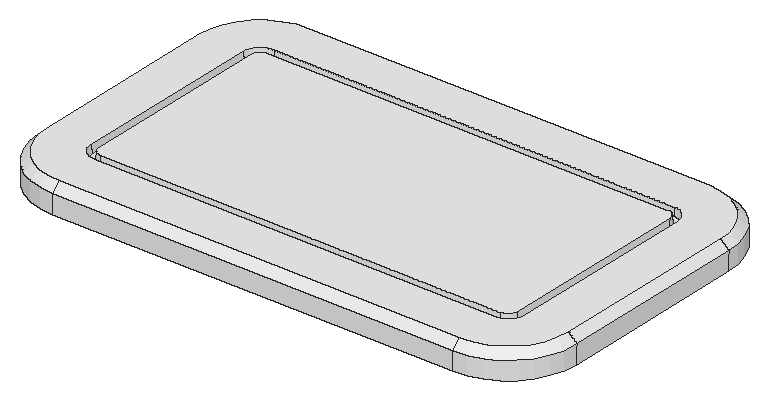
Revit family "Ifö Spira Art Floorstanding WC 6240", category Generic Models, Revit 2015 (continued)
Lines and regions (mm)
  symbolic lines, visible <- "WithSeat"
    curve 169: arc (-155.935, 0, 452.02) -> (-161.937, 0, 450.633) -> (-167.91, 0, 449.12) r 292.901
    curve 170: arc (-167.91, 0, 449.12) -> (-171.815, 0, 447.949) -> (-175.635, 0, 446.524) r 62.13
    curve 171: arc (-172.979, 0, 432.449) -> (-171.644, 0, 432.406) -> (-170.309, 0, 432.369) r 348.348
    curve 172: arc (-106.438, 0, 417.292) -> (-47.272, 0, 417.073) -> (11.895, 0, 417.023) r 20813.011
    curve 173: arc (11.895, 0, 417.023) -> (59.167, 0, 417.104) -> (106.438, 0, 417.292) r 20813.011
    curve 174: arc (106.438, 0, 417.292) -> (127.812, 0, 417.468) -> (149.185, 0, 417.778) r 3413.329
    curve 175: arc (149.185, 0, 417.778) -> (159.275, 0, 418.069) -> (169.356, 0, 418.587) r 449.543
    curve 176: arc (169.356, 0, 418.587) -> (171.821, 0, 418.757) -> (174.283, 0, 418.959) r 193.146
    curve 177: arc (173.228, 0, 431.278) -> (171.616, 0, 431.871) -> (169.969, 0, 432.36) r 27.076
    curve 178: arc (-169.969, 0, 432.36) -> (-171.616, 0, 431.871) -> (-173.228, 0, 431.278) r 27.076
    curve 179: arc (-174.283, 0, 418.959) -> (-171.821, 0, 418.757) -> (-169.356, 0, 418.587) r 193.146
    curve 180: arc (-169.356, 0, 418.587) -> (-159.275, 0, 418.069) -> (-149.185, 0, 417.778) r 449.543
    curve 181: arc (-149.185, 0, 417.778) -> (-127.812, 0, 417.468) -> (-106.438, 0, 417.292) r 3413.329
    curve 185: arc (0, -233.797, 432.082) -> (0, -242.015, 422.402) -> (0, -254.536, 424.509) r 12.85
    curve 186: arc (0, -243.498, 446.986) -> (0, -238.217, 444.362) -> (0, -234.664, 439.656) r 12.85
    curve 187: arc (0, -245.824, 447.309) -> (0, -247.212, 444.019) -> (0, -248.636, 440.746) r 318.94
    curve 188: arc (0, -248.636, 440.746) -> (0, -250.574, 438.077) -> (0, -253.44, 436.444) r 7.824
    curve 189: arc (0, -253.44, 436.444) -> (0, -255.92, 435.8) -> (0, -258.452, 435.413) r 25.026
    curve 190: arc (0, -258.452, 435.413) -> (0, -258.848, 435.374) -> (0, -259.243, 435.336) r 84.838
    curve 191: arc (0, -294.889, 421.489) -> (0, -296.039, 421.447) -> (0, -297.188, 421.408) r 313.727
    curve 192: arc (0, -297.188, 421.408) -> (0, -312.02, 421.123) -> (0, -326.855, 421.209) r 593.645
    curve 193: arc (0, -326.855, 421.209) -> (0, -331.317, 421.239) -> (0, -335.777, 421.165) r 192.56
    curve 194: line (0, -335.777, 421.165) -> (0, -351.148, 421.022)
    curve 195: arc (0, -351.148, 421.022) -> (0, -356.263, 420.961) -> (0, -361.378, 420.873) r 954.342
    curve 196: arc (0, -361.378, 420.873) -> (0, -369.43, 420.719) -> (0, -377.483, 420.582) r 4144.287
    curve 197: arc (0, -377.483, 420.582) -> (0, -383.238, 420.482) -> (0, -388.992, 420.368) r 2363.544
    curve 198: arc (0, -388.992, 420.368) -> (0, -396.665, 420.221) -> (0, -404.339, 420.104) r 2014.109
    curve 199: arc (0, -404.339, 420.104) -> (0, -411.408, 419.999) -> (0, -418.477, 419.875) r 2479.283
    curve 200: arc (0, -418.477, 419.875) -> (0, -428.062, 419.704) -> (0, -437.648, 419.558) r 3746.849
    curve 201: arc (0, -437.648, 419.558) -> (0, -459.701, 419.23) -> (0, -481.754, 418.864) r 12415.268
    curve 202: line (0, -481.754, 418.864) -> (0, -506.659, 418.427)
    curve 203: arc (0, -506.659, 418.427) -> (0, -516.366, 418.267) -> (0, -526.073, 418.126) r 4878.608
    curve 204: line (0, -526.073, 418.126) -> (0, -574.469, 417.471)
    curve 205: arc (0, -574.469, 417.471) -> (0, -590.028, 417.306) -> (0, -605.589, 417.232) r 2658.072
    curve 206: arc (0, -605.589, 417.232) -> (0, -609.354, 417.224) -> (0, -613.119, 417.213) r 5518.219
    curve 207: arc (0, -262.314, 435.112) -> (0, -265.6, 434.976) -> (0, -268.888, 434.932) r 119.274
    curve 208: arc (0, -268.888, 434.932) -> (0, -273.789, 434.941) -> (0, -278.689, 434.967) r 1432.303
    curve 209: arc (0, -278.689, 434.967) -> (0, -290.944, 435.013) -> (0, -303.199, 434.977) r 1854.73
    curve 210: arc (0, -225.11, 415.97) -> (0, -222.739, 416.006) -> (0, -220.369, 416.06) r 310.603
    curve 211: arc (0, -246.623, 416.075) -> (0, -235.867, 415.936) -> (0, -225.11, 415.97) r 663.794
    curve 212: arc (0, -250.863, 416.16) -> (0, -248.743, 416.119) -> (0, -246.623, 416.075) r 2041.512
    curve 213: line (0, -611.932, 416.528) -> (0, -297.587, 416.528)
  symbolic lines, visible <- "WithoutSeat"
    curve 104: circle (77.498, -234.282, 0) r 10 normal (0, 0, 1)
    curve 105: circle (-77.498, -234.282, 0) r 10 normal (0, 0, -1)
    curve 106: line (-3.181, -344.797, 0) -> (3.181, -344.797, 0)
    curve 107: arc (3.181, -344.797, 0) -> (9.136, -344.783, 0) -> (15.091, -344.742, 0) r 1279.913
    curve 108: arc (15.091, -344.742, 0) -> (21.326, -345.164, 0) -> (27.422, -346.538, 0) r 40.635
    curve 109: arc (27.422, -346.538, 0) -> (33.011, -348.882, 0) -> (38.031, -352.277, 0) r 30.759
    curve 110: arc (38.031, -352.277, 0) -> (41.407, -356.184, 0) -> (43.335, -360.974, 0) r 15.725
    curve 111: arc (43.335, -360.974, 0) -> (44.964, -375.534, 0) -> (43.482, -390.11, 0) r 68.985
    curve 112: arc (43.827, -292.631, 0) -> (-0.332, -294.184, 0) -> (-44.487, -292.545, 0) r 611.914
    curve 113: arc (43.827, -292.631, 0) -> (46.864, -292.03, 0) -> (49.758, -290.93, 0) r 18.457
    curve 114: arc (49.758, -290.93, 0) -> (52.277, -290.034, 0) -> (54.928, -289.684, 0) r 12.717
    curve 115: arc (54.928, -289.684, 0) -> (67.711, -290.89, 0) -> (79.841, -295.098, 0) r 53.656
    curve 116: arc (79.841, -295.098, 0) -> (88.515, -300.91, 0) -> (95.301, -308.845, 0) r 38.37
    curve 117: arc (23.445, -590.47, 0) -> (11.869, -593.25, 0) -> (0, -594.184, 0) r 75.852
    curve 118: arc (48.506, -578.418, 0) -> (36.38, -585.285, 0) -> (23.445, -590.47, 0) r 104.062
    curve 119: arc (72.588, -556.986, 0) -> (61.325, -568.576, 0) -> (48.506, -578.418, 0) r 111.578
    curve 120: arc (86.527, -537.837, 0) -> (79.89, -547.653, 0) -> (72.588, -556.986, 0) r 170.802
    curve 121: arc (101.759, -506.618, 0) -> (94.97, -522.631, 0) -> (86.527, -537.837, 0) r 164.361
    curve 122: arc (112.699, -465.961, 0) -> (108.096, -486.522, 0) -> (101.759, -506.618, 0) r 247.305
    curve 123: arc (117.178, -423.925, 0) -> (115.69, -445.023, 0) -> (112.699, -465.961, 0) r 296.043
    curve 124: arc (117.436, -385.163, 0) -> (117.579, -404.546, 0) -> (117.178, -423.925, 0) r 691.506
    curve 125: arc (111.321, -342.524, 0) -> (115.671, -363.658, 0) -> (117.436, -385.163, 0) r 178.288
    curve 126: arc (95.301, -308.845, 0) -> (104.834, -324.96, 0) -> (111.321, -342.524, 0) r 103.92
    curve 127: arc (-44.487, -292.545, 0) -> (-47.183, -291.936, 0) -> (-49.758, -290.93, 0) r 18.457
    curve 128: arc (-49.758, -290.93, 0) -> (-52.277, -290.034, 0) -> (-54.928, -289.684, 0) r 12.717
    curve 129: arc (-54.928, -289.684, 0) -> (-67.711, -290.89, 0) -> (-79.841, -295.098, 0) r 53.656
    curve 130: arc (-79.841, -295.098, 0) -> (-88.515, -300.91, 0) -> (-95.301, -308.845, 0) r 38.37
    curve 131: arc (-23.445, -590.47, 0) -> (-11.869, -593.25, 0) -> (0, -594.184, 0) r 75.852
    curve 132: arc (-48.506, -578.418, 0) -> (-36.38, -585.285, 0) -> (-23.445, -590.47, 0) r 104.062
    curve 133: arc (-72.588, -556.986, 0) -> (-61.325, -568.576, 0) -> (-48.506, -578.418, 0) r 111.578
    curve 134: arc (-86.527, -537.837, 0) -> (-79.89, -547.653, 0) -> (-72.588, -556.986, 0) r 170.802
    curve 135: arc (-101.759, -506.618, 0) -> (-94.97, -522.631, 0) -> (-86.527, -537.837, 0) r 164.361
    curve 136: arc (-112.699, -465.961, 0) -> (-108.096, -486.522, 0) -> (-101.759, -506.618, 0) r 247.305
    curve 137: arc (-117.178, -423.925, 0) -> (-115.69, -445.023, 0) -> (-112.699, -465.961, 0) r 296.043
    curve 138: arc (-117.436, -385.163, 0) -> (-117.579, -404.546, 0) -> (-117.178, -423.925, 0) r 691.506
    curve 139: arc (-111.321, -342.524, 0) -> (-115.671, -363.658, 0) -> (-117.436, -385.163, 0) r 178.288
    curve 140: arc (-95.301, -308.845, 0) -> (-104.834, -324.96, 0) -> (-111.321, -342.524, 0) r 103.92
    curve 141: arc (43.482, -390.11, 0) -> (39.446, -404.119, 0) -> (33.423, -417.395, 0) r 100.318
    curve 142: arc (33.423, -417.395, 0) -> (25.667, -426.795, 0) -> (14.964, -432.623, 0) r 32.069
    curve 143: arc (14.964, -432.623, 0) -> (7.569, -434.267, 0) -> (0, -434.582, 0) r 42.781
    curve 144: arc (-3.181, -344.797, 0) -> (-9.136, -344.783, 0) -> (-15.091, -344.742, 0) r 1279.913
    curve 145: arc (-15.091, -344.742, 0) -> (-21.326, -345.164, 0) -> (-27.422, -346.538, 0) r 40.635
    curve 146: arc (-27.422, -346.538, 0) -> (-33.011, -348.882, 0) -> (-38.031, -352.277, 0) r 30.759
    curve 147: arc (-38.031, -352.277, 0) -> (-41.407, -356.184, 0) -> (-43.335, -360.974, 0) r 15.725
    curve 148: arc (-43.335, -360.974, 0) -> (-44.964, -375.534, 0) -> (-43.482, -390.11, 0) r 68.985
    curve 149: arc (-43.482, -390.11, 0) -> (-39.446, -404.119, 0) -> (-33.423, -417.395, 0) r 100.318
    curve 150: arc (-33.423, -417.395, 0) -> (-25.667, -426.795, 0) -> (-14.964, -432.623, 0) r 32.069
    curve 151: arc (-14.964, -432.623, 0) -> (-7.569, -434.267, 0) -> (0, -434.582, 0) r 42.781
    curve 182: line (174.321, 0, 416.255) -> (-174.321, 0, 416.255)
    curve 183: line (-159.313, 0, 437.672) -> (159.32, 0, 437.672)
    curve 184: line (159.313, 0, 441.941) -> (-159.313, 0, 441.941)
Dimensions and locks
  "ColdWaterConnectionHeight": plane 5 "In" to level
  "ConnectorOut_OffsetFromWall": plane 1 "Center (Front/Back)" to connector elem
  "ConnectorIn_OffsetFromWall": plane 1 "Center (Front/Back)" to connector elem
  "ConnectorIn_HDistance": plane 3 "Center (Left/Right)" to connector elem
  aligned and locked: plane 2 to level
Automatic sketch dimensions
  curve 78 to curve 83 = 0.00 mm  (x2)
  curve 88 to curve 95 = 0.00 mm  (x2)
  curve 102 to curve 103 = 0.00 mm  (x2)
  curve 117 to curve 131 = 0.00 mm  (x2)
  curve 102 to plane 3 "Center (Left/Right)" = 0.00 mm
  curve 83 to plane 3 "Center (Left/Right)" = 0.00 mm
  curve 88 to plane 3 "Center (Left/Right)" = 0.00 mm
  curve 151 to plane 3 "Center (Left/Right)" = 0.00 mm
  curve 131 to plane 3 "Center (Left/Right)" = 0.00 mm
  curve 151 to plane 3 "Center (Left/Right)" = 2.017 mm
  curve 106 to plane 3 "Center (Left/Right)" = 3.181 mm
  curve 150 to plane 3 "Center (Left/Right)" = 5.259 mm
  curve 118 to plane 3 "Center (Left/Right)" = 8.719 mm
  curve 140 to plane 3 "Center (Left/Right)" = 10.989 mm
  curve 119 to curve 118 = 4.133 mm
  curve 145 to curve 151 = 13.452 mm
  curve 146 to curve 140 = 7.386 mm
  curve 111 to curve 146 = 5.645 mm
  curve 147 to curve 111 = 3.963 mm
  curve 79 to plane 3 "Center (Left/Right)" = 34.934 mm
  curve 80 to curve 79 = 1.514 mm
  curve 127 to curve 80 = 5.328 mm
  curve 101 to plane 3 "Center (Left/Right)" = 44.166 mm
  curve 81 to curve 127 = 3.123 mm
  curve 82 to curve 81 = 1.26 mm
  curve 121 to plane 3 "Center (Left/Right)" = 52.745 mm
  curve 89 to plane 3 "Center (Left/Right)" = 52.798 mm
  curve 141 to curve 147 = 26.697 mm
  curve 128 to curve 79 = 20.323 mm
  curve 129 to curve 141 = 1.638 mm
  curve 120 to curve 121 = 5.458 mm
  curve 125 to curve 141 = 6.132 mm
  curve 130 to curve 129 = 6.702 mm
  curve 65 to curve 82 = 23.461 mm
  curve 68 to curve 65 = 2.228 mm
  curve 69 to curve 68 = 4.938 mm
  curve 105 to curve 69 = 0.712 mm
  curve 67 to curve 105 = 4.227 mm
  curve 62 to plane 3 "Center (Left/Right)" = 83.953 mm
  curve 66 to curve 67 = 16.561 mm
  curve 122 to curve 120 = 72.512 mm
  curve 90 to curve 130 = 90.404 mm
  curve 99 to curve 66 = 64.646 mm
  curve 100 to curve 99 = 3.162 mm
  curve 91 to curve 90 = 16.013 mm
  curve 123 to curve 122 = 47.971 mm
  curve 71 to curve 91 = 97.297 mm
  curve 64 to curve 71 = 167.907 mm
  curve 124 to curve 64 = 139.272 mm
  plane 3 "Center (Left/Right)" to curve 112 = 0.263 mm
  plane 3 "Center (Left/Right)" to curve 143 = 2.017 mm
  plane 3 "Center (Left/Right)" to curve 106 = 3.181 mm
  plane 3 "Center (Left/Right)" to curve 142 = 5.259 mm
  plane 3 "Center (Left/Right)" to curve 132 = 8.719 mm
  plane 3 "Center (Left/Right)" to curve 126 = 10.989 mm
  curve 132 to curve 133 = 4.133 mm
  curve 143 to curve 108 = 13.452 mm
  curve 126 to curve 109 = 7.386 mm
  curve 109 to curve 148 = 5.645 mm
  curve 148 to curve 110 = 3.963 mm
  plane 3 "Center (Left/Right)" to curve 84 = 34.934 mm
  curve 84 to curve 85 = 1.514 mm
  curve 85 to curve 113 = 5.328 mm
  plane 3 "Center (Left/Right)" to curve 96 = 44.166 mm
  curve 113 to curve 86 = 3.123 mm
  curve 86 to curve 87 = 1.26 mm
  plane 3 "Center (Left/Right)" to curve 135 = 52.745 mm
  plane 3 "Center (Left/Right)" to curve 94 = 52.798 mm
  curve 110 to curve 149 = 26.697 mm
  curve 84 to curve 114 = 20.323 mm
  curve 149 to curve 115 = 1.638 mm
  curve 135 to curve 134 = 5.458 mm
  curve 149 to curve 139 = 6.132 mm
  curve 115 to curve 116 = 6.702 mm
  curve 87 to curve 73 = 23.461 mm
  curve 73 to curve 76 = 2.228 mm
  curve 76 to curve 77 = 4.938 mm
  curve 77 to curve 104 = 0.712 mm
  curve 104 to curve 75 = 4.227 mm
  plane 3 "Center (Left/Right)" to curve 70 = 83.953 mm
  curve 75 to curve 74 = 16.561 mm
  curve 134 to curve 136 = 72.512 mm
  curve 116 to curve 93 = 90.404 mm
  curve 74 to curve 98 = 64.646 mm
  curve 98 to curve 97 = 3.162 mm
  curve 93 to curve 92 = 16.013 mm
  curve 136 to curve 137 = 47.971 mm
  curve 92 to curve 63 = 97.297 mm
  curve 63 to curve 72 = 167.907 mm
  curve 72 to curve 138 = 139.272 mm
  plane 1 "Center (Front/Back)" to curve 88 = 1983.364 mm
  curve 88 to curve 102 = 101.137 mm
  curve 102 to curve 83 = 717.00 mm
  curve 78 to curve 89 = 130.923 mm
  curve 89 to curve 94 = 0.00 mm
  curve 89 to curve 101 = 89.574 mm
  curve 101 to curve 96 = 0.00 mm
  curve 101 to curve 62 = 379.285 mm
  curve 62 to curve 70 = 0.00 mm
  curve 62 to curve 117 = 47.114 mm
  curve 117 to curve 132 = 26.828 mm
  curve 118 to curve 132 = 0.00 mm
  curve 132 to curve 133 = 6.278 mm
  curve 118 to curve 119 = 6.278 mm
  curve 133 to curve 135 = 34.669 mm
  curve 119 to curve 121 = 34.669 mm
  curve 135 to curve 134 = 3.421 mm
  curve 121 to curve 120 = 3.421 mm
  curve 120 to curve 122 = 24.87 mm
  curve 134 to curve 136 = 24.87 mm
  curve 136 to curve 137 = 8.611 mm
  curve 122 to curve 123 = 8.611 mm
  curve 135 to curve 142 = 48.50 mm
  curve 150 to curve 142 = 0.00 mm
  curve 137 to curve 138 = 13.719 mm
  curve 123 to curve 124 = 13.719 mm
  curve 142 to curve 143 = 10.209 mm
  curve 151 to curve 143 = 0.00 mm
  curve 150 to curve 125 = 13.086 mm
  curve 142 to curve 139 = 13.086 mm
  curve 143 to curve 108 = 6.473 mm
  curve 151 to curve 145 = 6.473 mm
  curve 145 to curve 146 = 9.44 mm
  curve 108 to curve 109 = 9.44 mm
  curve 109 to curve 148 = 0.054 mm
  curve 146 to curve 111 = 0.054 mm
  curve 109 to curve 126 = 6.338 mm
  curve 146 to curve 140 = 6.338 mm
  curve 139 to curve 149 = 19.553 mm
  curve 125 to curve 141 = 19.553 mm
  curve 148 to curve 110 = 11.509 mm
  curve 111 to curve 147 = 11.509 mm
  curve 140 to curve 106 = 24.80 mm
  curve 141 to curve 129 = 26.096 mm
  curve 149 to curve 115 = 26.096 mm
  curve 115 to curve 116 = 13.738 mm
  curve 129 to curve 130 = 13.738 mm
  curve 116 to curve 93 = 10.742 mm
  curve 130 to curve 90 = 10.742 mm
  curve 130 to curve 128 = 27.186 mm
  curve 116 to curve 114 = 27.186 mm
  curve 114 to curve 84 = 14.003 mm
  curve 128 to curve 79 = 14.003 mm
  curve 84 to curve 85 = 8.523 mm
  curve 79 to curve 80 = 8.523 mm
  curve 85 to curve 113 = 5.582 mm
  curve 80 to curve 127 = 5.582 mm
  curve 90 to curve 91 = 54.544 mm
  curve 93 to curve 92 = 54.544 mm
  curve 113 to curve 86 = 21.472 mm
  curve 127 to curve 81 = 21.472 mm
  curve 86 to curve 87 = 2.094 mm
  curve 81 to curve 82 = 2.094 mm
  curve 138 to curve 72 = 152.61 mm
  curve 92 to curve 63 = 16.973 mm
  curve 124 to curve 64 = 152.61 mm
  curve 91 to curve 71 = 16.973 mm
  curve 82 to curve 66 = 13.643 mm
  curve 87 to curve 74 = 13.643 mm
  curve 87 to curve 73 = 13.643 mm
  curve 82 to curve 65 = 13.643 mm
  curve 65 to curve 67 = 0.779 mm
  curve 73 to curve 76 = 0.779 mm
  curve 76 to curve 75 = 0.00 mm
  curve 65 to curve 68 = 0.779 mm
  curve 67 to curve 105 = 2.018 mm
  curve 75 to curve 104 = 2.018 mm
  curve 105 to curve 69 = 2.459 mm
  curve 104 to curve 77 = 2.459 mm
  curve 91 to curve 99 = 88.713 mm
  curve 92 to curve 98 = 88.713 mm
  plane 1 "Center (Front/Back)" to curve 100 = 83.595 mm
  plane 1 "Center (Front/Back)" to curve 97 = 83.595 mm
  curve 112 to plane 1 "Center (Front/Back)" = 317.73 mm
  curve 112 to curve 144 = 617.385 mm
  curve 144 to curve 107 = 0.00 mm
  curve 151 to plane 3 "Center (Left/Right)" = 14.964 mm
  curve 150 to curve 151 = 0.00 mm
  curve 145 to curve 144 = 0.00 mm
  curve 132 to plane 3 "Center (Left/Right)" = 23.445 mm
  curve 131 to curve 132 = 0.00 mm
  curve 146 to curve 145 = 0.00 mm
  curve 149 to curve 150 = 0.00 mm
  curve 82 to curve 78 = 9.106 mm
  curve 79 to curve 78 = 0.00 mm
  curve 147 to curve 146 = 0.00 mm
  curve 148 to curve 147 = 0.00 mm
  curve 80 to curve 79 = 0.00 mm
  curve 127 to curve 79 = 9.553 mm
  curve 133 to curve 132 = 0.00 mm
  curve 81 to curve 80 = 0.00 mm
  curve 127 to curve 112 = 5.271 mm
  curve 128 to curve 127 = 0.00 mm
  curve 82 to curve 81 = 0.00 mm
  curve 129 to curve 128 = 0.00 mm
  curve 82 to curve 82 = 2.099 mm
  curve 65 to curve 64 = 3.336 mm
  curve 65 to curve 64 = 0.00 mm
  curve 65 to curve 67 = 0.568 mm
  curve 62 to curve 65 = 0.00 mm
  curve 69 to curve 67 = 0.00 mm
  curve 134 to curve 133 = 0.00 mm
  curve 130 to curve 129 = 0.00 mm
  curve 69 to curve 101 = 1.316 mm
  curve 102 to curve 101 = 0.00 mm
  curve 68 to curve 69 = 0.00 mm
  curve 135 to curve 134 = 0.00 mm
  curve 130 to curve 129 = 15.46 mm
  curve 89 to curve 88 = 0.00 mm
  curve 66 to curve 62 = 0.00 mm
  curve 63 to curve 66 = 0.00 mm
  curve 136 to curve 135 = 0.00 mm
  curve 139 to curve 140 = 0.00 mm
  curve 137 to curve 136 = 0.00 mm
  curve 138 to curve 137 = 0.00 mm
  curve 100 to curve 101 = 0.00 mm
  curve 99 to curve 100 = 0.00 mm
  curve 90 to curve 89 = 0.00 mm
  curve 91 to curve 90 = 0.00 mm
  curve 99 to curve 99 = 11.071 mm
  curve 91 to curve 91 = 3.165 mm
  curve 142 to curve 143 = 0.00 mm
  curve 108 to curve 107 = 0.00 mm
  curve 118 to curve 117 = 0.00 mm
  curve 109 to curve 108 = 0.00 mm
  curve 141 to curve 142 = 0.00 mm
  curve 84 to curve 83 = 0.00 mm
  curve 110 to curve 109 = 0.00 mm
  curve 111 to curve 110 = 0.00 mm
  curve 84 to curve 113 = 8.893 mm
  curve 85 to curve 84 = 0.00 mm
  curve 119 to curve 118 = 0.00 mm
  curve 86 to curve 85 = 0.00 mm
  curve 114 to curve 113 = 0.00 mm
  curve 87 to curve 86 = 0.00 mm
  curve 115 to curve 114 = 0.00 mm
  curve 72 to curve 73 = 3.336 mm
  curve 73 to curve 72 = 0.00 mm
  curve 75 to curve 73 = 0.568 mm
  curve 70 to curve 73 = 0.00 mm
  curve 77 to curve 75 = 0.00 mm
  curve 120 to curve 119 = 0.00 mm
  curve 116 to curve 115 = 0.00 mm
  curve 96 to curve 103 = 0.00 mm
  curve 76 to curve 77 = 0.00 mm
  curve 121 to curve 120 = 0.00 mm
  curve 115 to curve 116 = 15.46 mm
  curve 94 to curve 95 = 0.00 mm
  curve 74 to curve 70 = 0.00 mm
  curve 71 to curve 74 = 0.00 mm
  curve 122 to curve 121 = 0.00 mm
  curve 125 to curve 126 = 0.00 mm
  curve 123 to curve 122 = 0.00 mm
  curve 124 to curve 123 = 0.00 mm
  curve 97 to curve 96 = 0.00 mm
  curve 98 to curve 97 = 0.00 mm
  curve 93 to curve 94 = 0.00 mm
  curve 92 to curve 93 = 0.00 mm
  curve 98 to curve 98 = 11.071 mm
  curve 92 to curve 92 = 3.165 mm
  curve 185 to curve 186 = 0.00 mm  (x2)
  plane 1 "Center (Front/Back)" to curve 205 = 610.446 mm
  plane 1 "Center (Front/Back)" to curve 206 = 595.506 mm
  plane 1 "Center (Front/Back)" to curve 203 = 592.105 mm
  curve 204 to plane 5 "In" = 77.471 mm
  plane 1 "Center (Front/Back)" to curve 204 = 574.469 mm
  curve 204 to curve 187 = 34.077 mm
  curve 204 to plane 5 "In" = 78.126 mm
  curve 205 to curve 204 = 48.396 mm
  curve 202 to plane 5 "In" = 78.427 mm
  curve 204 to curve 202 = 19.414 mm
  plane 1 "Center (Front/Back)" to curve 200 = 489.961 mm
  curve 202 to plane 5 "In" = 78.864 mm
  curve 202 to curve 202 = 24.904 mm
  curve 200 to curve 196 = 45.646 mm
  plane 1 "Center (Front/Back)" to curve 198 = 431.28 mm
  plane 1 "Center (Front/Back)" to curve 199 = 371.175 mm
  curve 194 to plane 5 "In" = 81.022 mm
  curve 202 to curve 194 = 130.606 mm
  plane 1 "Center (Front/Back)" to curve 195 = 342.279 mm
  curve 199 to curve 197 = 31.807 mm
  curve 194 to plane 5 "In" = 81.165 mm
  curve 195 to curve 194 = 15.371 mm
  curve 193 to curve 193 = 5.402 mm
  plane 1 "Center (Front/Back)" to curve 192 = 316.005 mm
  curve 192 to curve 191 = 8.873 mm
  plane 1 "Center (Front/Back)" to curve 209 = 291.729 mm
  curve 209 to curve 212 = 2.104 mm
  curve 193 to curve 207 = 66.912 mm
  plane 1 "Center (Front/Back)" to curve 208 = 268.619 mm
  curve 207 to curve 190 = 1.891 mm
  plane 1 "Center (Front/Back)" to curve 201 = 264.308 mm
  curve 190 to curve 189 = 6.008 mm
  curve 189 to curve 188 = 5.173 mm
  curve 188 to curve 186 = 9.37 mm
  curve 192 to curve 211 = 83.364 mm
  curve 191 to curve 210 = 78.499 mm
  plane 1 "Center (Front/Back)" to curve 10 = 164.067 mm
  plane 5 "In" to curve 6 = 3.771 mm
  plane 1 "Center (Front/Back)" to curve 6 = 103.357 mm
  plane 1 "Center (Front/Back)" to curve 8 = 99.944 mm
  plane 5 "In" to curve 3 = 49.025 mm
  curve 6 to curve 3 = 5.669 mm
  curve 6 to curve 5 = 15.602 mm
  plane 1 "Center (Front/Back)" to curve 7 = 65.309 mm
  plane 1 "Center (Front/Back)" to curve 3 = 25.99 mm
  plane 1 "Center (Front/Back)" to curve 9 = 19.564 mm
  curve 4 to plane 1 "Center (Front/Back)" = 9.751 mm
  plane 5 "In" to curve 193 = 111.319 mm
  curve 3 to curve 3 = 102.394 mm
  level to curve 10 = 91.898 mm
  level to curve 7 = 60.384 mm
  curve 195 to level = 533.278 mm
  curve 209 to curve 195 = 886.44 mm
  curve 212 to curve 209 = 205.266 mm
  curve 197 to curve 212 = 317.671 mm
  curve 199 to curve 197 = 116.302 mm
  curve 206 to curve 199 = 3042.02 mm
  curve 201 to curve 206 = 6893.522 mm
  plane 5 "In" to curve 5 = 6.239 mm
  curve 4 to plane 5 "In" = 26.204 mm
  curve 4 to curve 9 = 7.261 mm
  curve 193 to curve 186 = 13.307 mm
  curve 185 to curve 188 = 9.434 mm
  curve 188 to curve 189 = 16.406 mm
  curve 189 to curve 190 = 59.509 mm
  curve 190 to curve 207 = 34.384 mm
  curve 203 to curve 187 = 151.466 mm
  curve 207 to curve 210 = 172.348 mm
  curve 210 to curve 191 = 8.424 mm
  curve 210 to curve 8 = 252.876 mm
  curve 8 to curve 192 = 35.325 mm
  curve 192 to curve 211 = 64.968 mm
  curve 211 to curve 208 = 787.513 mm
  curve 208 to curve 198 = 566.798 mm
  curve 198 to curve 205 = 641.266 mm
  curve 205 to curve 200 = 1090.743 mm
  curve 200 to curve 196 = 398.288 mm
  curve 213 to curve 205 = 6.343 mm
  curve 206 to curve 213 = 1.186 mm
  curve 2 to curve 213 = 19.588 mm
  curve 206 to curve 205 = 0.00 mm
  curve 200 to curve 201 = 0.00 mm
  curve 199 to curve 200 = 0.00 mm
  curve 198 to curve 199 = 0.00 mm
  curve 197 to curve 198 = 0.00 mm
  curve 196 to curve 197 = 0.00 mm
  curve 192 to curve 193 = 0.00 mm
  curve 209 to curve 192 = 6.011 mm
  curve 213 to curve 192 = 0.399 mm
  curve 191 to curve 192 = 0.00 mm
  curve 191 to curve 191 = 2.299 mm
  curve 191 to curve 209 = 16.20 mm
  curve 208 to curve 209 = 0.00 mm
  curve 207 to curve 208 = 0.00 mm
  curve 208 to curve 207 = 6.573 mm
  curve 207 to curve 190 = 3.071 mm
  curve 190 to curve 190 = 0.791 mm
  curve 189 to curve 190 = 0.00 mm
  curve 190 to curve 185 = 3.916 mm
  curve 188 to curve 189 = 0.00 mm
  curve 185 to curve 212 = 3.674 mm
  curve 187 to curve 188 = 0.00 mm
  curve 212 to curve 211 = 4.24 mm
  curve 212 to curve 211 = 0.00 mm
  curve 188 to curve 187 = 2.811 mm
  curve 187 to curve 186 = 2.326 mm
  curve 186 to curve 186 = 8.834 mm
  curve 186 to curve 185 = 0.867 mm
  curve 210 to curve 211 = 0.00 mm
  curve 210 to curve 210 = 4.741 mm
  plane 5 "In" to curve 6 = 1.802 mm
  curve 5 to curve 6 = 0.00 mm
  curve 7 to curve 6 = 0.00 mm
  curve 8 to curve 7 = 0.00 mm
  curve 9 to curve 8 = 0.00 mm
  plane 1 "Center (Front/Back)" to curve 10 = 5.689 mm
  plane 1 "Center (Front/Back)" to curve 9 = 5.02 mm
  plane 1 "Center (Front/Back)" to curve 2 = 2.223 mm
  curve 9 to curve 2 = 2.782 mm
  curve 213 to curve 206 = 0.685 mm
  curve 212 to curve 185 = 8.349 mm
  curve 185 to curve 186 = 7.575 mm
  curve 152 to curve 153 = 0.00 mm  (x2)
  curve 162 to curve 163 = 0.00 mm  (x2)
  plane 3 "Center (Left/Right)" to curve 162 = 0.00 mm
  curve 153 to plane 3 "Center (Left/Right)" = 0.00 mm
  curve 172 to plane 3 "Center (Left/Right)" = 0.00 mm
  curve 173 to plane 3 "Center (Left/Right)" = 0.00 mm
  curve 166 to plane 3 "Center (Left/Right)" = 7.858 mm
  curve 164 to plane 3 "Center (Left/Right)" = 16.145 mm
  curve 165 to curve 164 = 0.719 mm
  curve 157 to plane 3 "Center (Left/Right)" = 38.243 mm
  curve 181 to plane 3 "Center (Left/Right)" = 88.982 mm
  curve 169 to plane 3 "Center (Left/Right)" = 93.01 mm
  curve 158 to plane 3 "Center (Left/Right)" = 122.294 mm
  curve 180 to plane 3 "Center (Left/Right)" = 141.256 mm
  curve 170 to plane 5 "In" = 49.056 mm
  curve 170 to plane 3 "Center (Left/Right)" = 152.022 mm
  curve 179 to plane 3 "Center (Left/Right)" = 157.283 mm
  curve 171 to curve 180 = 19.913 mm
  curve 178 to curve 170 = 11.064 mm
  plane 3 "Center (Left/Right)" to curve 159 = 7.858 mm
  plane 3 "Center (Left/Right)" to curve 161 = 16.145 mm
  curve 161 to curve 160 = 0.719 mm
  plane 3 "Center (Left/Right)" to curve 168 = 38.243 mm
  plane 3 "Center (Left/Right)" to curve 174 = 88.982 mm
  plane 3 "Center (Left/Right)" to curve 156 = 93.01 mm
  plane 3 "Center (Left/Right)" to curve 167 = 122.294 mm
  plane 3 "Center (Left/Right)" to curve 175 = 141.256 mm
  curve 155 to plane 5 "In" = 49.056 mm
  plane 3 "Center (Left/Right)" to curve 155 = 152.022 mm
  plane 3 "Center (Left/Right)" to curve 176 = 157.283 mm
  curve 175 to curve 154 = 19.913 mm
  curve 155 to curve 177 = 11.064 mm
  level to curve 169 = 165.957 mm
  level to curve 156 = 165.957 mm
  curve 165 to level = 39.645 mm
  curve 160 to curve 165 = 0.00 mm
  curve 164 to curve 165 = 10.881 mm
  curve 161 to curve 160 = 10.881 mm
  curve 159 to curve 161 = 60.109 mm
  curve 166 to curve 159 = 0.00 mm
  curve 168 to curve 159 = 320.096 mm
  curve 157 to curve 168 = 0.00 mm
  curve 167 to curve 168 = 427.925 mm
  curve 158 to curve 167 = 0.00 mm
  curve 163 to curve 158 = 452.52 mm
  curve 170 to curve 178 = 17.117 mm
  curve 155 to curve 177 = 17.117 mm
  curve 178 to curve 179 = 205.182 mm
  curve 177 to curve 176 = 205.182 mm
  curve 179 to curve 171 = 169.241 mm
  curve 176 to curve 154 = 169.241 mm
  curve 154 to curve 175 = 86.655 mm
  curve 171 to curve 180 = 86.655 mm
  curve 180 to curve 181 = 2963.325 mm
  curve 174 to curve 181 = 0.00 mm
  curve 174 to curve 153 = 3090.656 mm
  curve 152 to curve 172 = 14308.799 mm
  curve 172 to curve 173 = 0.00 mm
  curve 164 to plane 3 "Center (Left/Right)" = 22.804 mm
  curve 163 to curve 164 = 0.00 mm
  curve 165 to curve 164 = 0.00 mm
  curve 166 to curve 165 = 0.00 mm
  curve 166 to curve 172 = 0.963 mm
  curve 181 to curve 172 = 0.00 mm
  curve 167 to curve 166 = 0.00 mm
  curve 168 to curve 167 = 0.00 mm
  curve 180 to curve 181 = 0.00 mm
  curve 169 to curve 168 = 0.00 mm
  curve 184 to curve 169 = 3.378 mm
  curve 184 to curve 183 = 0.00 mm
  curve 170 to curve 169 = 0.00 mm
  curve 179 to curve 180 = 0.00 mm
  curve 178 to curve 183 = 10.657 mm
  curve 171 to curve 178 = 0.339 mm
  curve 152 to curve 171 = 0.00 mm
  curve 171 to curve 152 = 2.67 mm
  curve 178 to curve 171 = 0.249 mm
  curve 179 to curve 179 = 4.928 mm
  curve 182 to curve 179 = 0.037 mm
  curve 170 to curve 170 = 7.726 mm
  plane 3 "Center (Left/Right)" to curve 173 = 11.895 mm
  curve 161 to curve 162 = 0.00 mm
  curve 160 to curve 161 = 0.00 mm
  curve 159 to curve 160 = 0.00 mm
  curve 174 to curve 173 = 0.00 mm
  curve 158 to curve 159 = 0.00 mm
  curve 157 to curve 158 = 0.00 mm
  curve 175 to curve 174 = 0.00 mm
  curve 156 to curve 157 = 0.00 mm
  curve 156 to curve 184 = 3.378 mm
  curve 184 to curve 183 = 0.008 mm
  curve 155 to curve 156 = 0.00 mm
  curve 176 to curve 175 = 0.00 mm
  curve 177 to curve 153 = 0.339 mm
  curve 154 to curve 153 = 0.00 mm
  curve 154 to curve 154 = 2.67 mm
  curve 154 to curve 177 = 0.249 mm
  curve 175 to curve 176 = 4.928 mm
  curve 176 to curve 182 = 0.037 mm
  curve 156 to curve 155 = 7.726 mm
  curve 182 to curve 176 = 2.704 mm
  curve 178 to curve 183 = 5.312 mm
  curve 183 to curve 184 = 4.269 mm
  curve 58 to curve 60 = 0.00 mm  (x2)
  curve 60 to plane 3 "Center (Left/Right)" = 0.00 mm
  curve 57 to plane 3 "Center (Left/Right)" = 0.00 mm
  curve 60 to plane 5 "In" = 4235.918 mm
  level to curve 57 = 70.931 mm
  plane 3 "Center (Left/Right)" to curve 61 = 100.06 mm
  curve 61 to level = 1550.429 mm
  curve 59 to curve 61 = 0.00 mm
  curve 59 to plane 3 "Center (Left/Right)" = 100.06 mm
  plane 3 "Center (Left/Right)" to curve 56 = 41.00 mm
  curve 56 to plane 5 "In" = 510.623 mm
  curve 56 to curve 57 = 1.235 mm  (x2)
  plane 3 "Center (Left/Right)" to curve 61 = 67.80 mm
  curve 60 to curve 61 = 0.00 mm
  curve 59 to curve 58 = 0.00 mm
  curve 61 to plane 5 "In" = 84.012 mm
  curve 59 to plane 5 "In" = 84.012 mm
  curve 1 to plane 5 "In" = 26.827 mm
  curve 56 to plane 3 "Center (Left/Right)" = 41.00 mm
  curve 56 to curve 57 = 0.00 mm
  curve 1 to curve 59 = 10.827 mm
  curve 61 to curve 1 = 10.827 mm
  Masking region 1 sketch curve to Masking region 1 sketch curve = 0.00 mm  (x103)
  Masking region 1 sketch curve to level = 0.00 mm
  plane 5 "In" to Masking region 1 sketch curve = 21.297 mm
  plane 1 "Center (Front/Back)" to Masking region 1 sketch curve = 12801.642 mm
  Masking region 1 sketch curve to plane 5 "In" = 179.191 mm
  plane 1 "Center (Front/Back)" to Masking region 1 sketch curve = 3881.15 mm
  Masking region 1 sketch curve to plane 5 "In" = 26.715 mm
  Masking region 1 sketch curve to Masking region 1 sketch curve = 1311.117 mm
  Masking region 1 sketch curve to Masking region 1 sketch curve = 139.988 mm
  level to Masking region 1 sketch curve = 99.166 mm
  Masking region 1 sketch curve to Masking region 1 sketch curve = 1147.333 mm
  Masking region 1 sketch curve to level = 133.484 mm
  Masking region 1 sketch curve to Masking region 1 sketch curve = 141.808 mm
  level to Masking region 1 sketch curve = 92.755 mm
  Masking region 1 sketch curve to Masking region 1 sketch curve = 188.534 mm
  Masking region 1 sketch curve to Masking region 1 sketch curve = 104.948 mm
  plane 5 "In" to Masking region 1 sketch curve = 55.014 mm
  Masking region 1 sketch curve to Masking region 1 sketch curve = 244.97 mm
  level to Masking region 1 sketch curve = 12.005 mm
  Masking region 1 sketch curve to Masking region 1 sketch curve = 178.406 mm
  Masking region 1 sketch curve to Masking region 1 sketch curve = 34.541 mm
  Masking region 1 sketch curve to plane 5 "In" = 92.858 mm
  Masking region 1 sketch curve to Masking region 1 sketch curve = 227.197 mm
  plane 1 "Center (Front/Back)" to Masking region 1 sketch curve = 656.652 mm
  Masking region 1 sketch curve to Masking region 1 sketch curve = 0.862 mm
  Masking region 1 sketch curve to Masking region 1 sketch curve = 0.574 mm
  Masking region 1 sketch curve to Masking region 1 sketch curve = 1.18 mm
  plane 5 "In" to Masking region 1 sketch curve = 13.752 mm
  Masking region 1 sketch curve to Masking region 1 sketch curve = 0.41 mm  (x2)
  Masking region 1 sketch curve to Masking region 1 sketch curve = 1.756 mm
  Masking region 1 sketch curve to Masking region 1 sketch curve = 2.354 mm
  Masking region 1 sketch curve to Masking region 1 sketch curve = 1.169 mm
  Masking region 1 sketch curve to Masking region 1 sketch curve = 0.669 mm
  Masking region 1 sketch curve to Masking region 1 sketch curve = 0.643 mm
  Masking region 1 sketch curve to Masking region 1 sketch curve = 1.387 mm
  Masking region 1 sketch curve to Masking region 1 sketch curve = 2.802 mm
  Masking region 1 sketch curve to Masking region 1 sketch curve = 2.232 mm
  Masking region 1 sketch curve to Masking region 1 sketch curve = 2.235 mm
  Masking region 1 sketch curve to Masking region 1 sketch curve = 1.026 mm
  Masking region 1 sketch curve to Masking region 1 sketch curve = 2.096 mm
  Masking region 1 sketch curve to Masking region 1 sketch curve = 1.613 mm
  Masking region 1 sketch curve to Masking region 1 sketch curve = 5.351 mm
  plane 5 "In" to Masking region 1 sketch curve = 1.221 mm
  Masking region 1 sketch curve to Masking region 1 sketch curve = 24.011 mm
  level to Masking region 1 sketch curve = 32.818 mm
  Masking region 1 sketch curve to Masking region 1 sketch curve = 77.618 mm
  Masking region 1 sketch curve to Masking region 1 sketch curve = 11.205 mm
  Masking region 1 sketch curve to Masking region 1 sketch curve = 5.937 mm
  Masking region 1 sketch curve to plane 5 "In" = 91.177 mm
  Masking region 1 sketch curve to Masking region 1 sketch curve = 7.69 mm
  Masking region 1 sketch curve to plane 5 "In" = 77.213 mm
  Masking region 1 sketch curve to Masking region 1 sketch curve = 7.924 mm
  Masking region 1 sketch curve to plane 5 "In" = 76.528 mm
  Masking region 1 sketch curve to Masking region 1 sketch curve = 1.186 mm
  plane 1 "Center (Front/Back)" to Masking region 1 sketch curve = 606.92 mm
  Masking region 1 sketch curve to plane 5 "In" = 103.243 mm
  Masking region 1 sketch curve to Masking region 1 sketch curve = 6.465 mm
  plane 1 "Center (Front/Back)" to Masking region 1 sketch curve = 595.506 mm
  Masking region 1 sketch curve to Masking region 1 sketch curve = 21.79 mm
  Masking region 1 sketch curve to Masking region 1 sketch curve = 29.207 mm
  Masking region 1 sketch curve to Masking region 1 sketch curve = 69.26 mm
  Masking region 1 sketch curve to Masking region 1 sketch curve = 66.495 mm
  plane 1 "Center (Front/Back)" to Masking region 1 sketch curve = 525.145 mm
  Masking region 1 sketch curve to plane 5 "In" = 111.188 mm
  Masking region 1 sketch curve to Masking region 1 sketch curve = 58.104 mm
  Masking region 1 sketch curve to Masking region 1 sketch curve = 10.489 mm
  Masking region 1 sketch curve to Masking region 1 sketch curve = 150.021 mm
  plane 1 "Center (Front/Back)" to Masking region 1 sketch curve = 481.511 mm
  Masking region 1 sketch curve to Masking region 1 sketch curve = 79.183 mm
  level to Masking region 1 sketch curve = 66.158 mm
  Masking region 1 sketch curve to Masking region 1 sketch curve = 2.31 mm
  Masking region 1 sketch curve to Masking region 1 sketch curve = 166.754 mm
  Masking region 1 sketch curve to Masking region 1 sketch curve = 84.938 mm
  plane 1 "Center (Front/Back)" to Masking region 1 sketch curve = 417.601 mm
  Masking region 1 sketch curve to Masking region 1 sketch curve = 48.528 mm
  Masking region 1 sketch curve to Masking region 1 sketch curve = 19.539 mm
  Masking region 1 sketch curve to Masking region 1 sketch curve = 17.196 mm
  Masking region 1 sketch curve to plane 5 "In" = 94.871 mm
  Masking region 1 sketch curve to Masking region 1 sketch curve = 34.71 mm
  Masking region 1 sketch curve to Masking region 1 sketch curve = 5.076 mm
  Masking region 1 sketch curve to Masking region 1 sketch curve = 2.457 mm
  Masking region 1 sketch curve to plane 5 "In" = 76.512 mm
  Masking region 1 sketch curve to Masking region 1 sketch curve = 17.07 mm
  Masking region 1 sketch curve to plane 5 "In" = 81.489 mm
  Masking region 1 sketch curve to Masking region 1 sketch curve = 2.706 mm
  Masking region 1 sketch curve to Masking region 1 sketch curve = 148.437 mm
  Masking region 1 sketch curve to Masking region 1 sketch curve = 150.541 mm
  Masking region 1 sketch curve to Masking region 1 sketch curve = 5.276 mm
  Masking region 1 sketch curve to Masking region 1 sketch curve = 3.279 mm
  Masking region 1 sketch curve to Masking region 1 sketch curve = 2.122 mm
  Masking region 1 sketch curve to Masking region 1 sketch curve = 7.595 mm
  Masking region 1 sketch curve to Masking region 1 sketch curve = 202.243 mm
  Masking region 1 sketch curve to Masking region 1 sketch curve = 4.546 mm
  Masking region 1 sketch curve to Masking region 1 sketch curve = 1.205 mm
  Masking region 1 sketch curve to Masking region 1 sketch curve = 19.36 mm
  Masking region 1 sketch curve to Masking region 1 sketch curve = 14.90 mm
  plane 5 "In" to Masking region 1 sketch curve = 37.602 mm
  Masking region 1 sketch curve to Masking region 1 sketch curve = 37.014 mm
  Masking region 1 sketch curve to Masking region 1 sketch curve = 1.013 mm
  Masking region 1 sketch curve to Masking region 1 sketch curve = 0.682 mm
  Masking region 1 sketch curve to plane 5 "In" = 84.509 mm
  Masking region 1 sketch curve to Masking region 1 sketch curve = 5.136 mm
  Masking region 1 sketch curve to Masking region 1 sketch curve = 1.104 mm
  Masking region 1 sketch curve to plane 5 "In" = 76.16 mm
  Masking region 1 sketch curve to Masking region 1 sketch curve = 3.674 mm
  Masking region 1 sketch curve to Masking region 1 sketch curve = 4.111 mm
  Masking region 1 sketch curve to Masking region 1 sketch curve = 3.52 mm
  Masking region 1 sketch curve to Masking region 1 sketch curve = 4.003 mm
  Masking region 1 sketch curve to Masking region 1 sketch curve = 7.459 mm
  Masking region 1 sketch curve to Masking region 1 sketch curve = 3.552 mm
  Masking region 1 sketch curve to Masking region 1 sketch curve = 4.078 mm
  level to Masking region 1 sketch curve = 2.082 mm
  Masking region 1 sketch curve to Masking region 1 sketch curve = 35.373 mm
  Masking region 1 sketch curve to Masking region 1 sketch curve = 4.802 mm
  Masking region 1 sketch curve to Masking region 1 sketch curve = 0.636 mm
  Masking region 1 sketch curve to Masking region 1 sketch curve = 0.547 mm
  Masking region 1 sketch curve to Masking region 1 sketch curve = 1.684 mm
  Masking region 1 sketch curve to Masking region 1 sketch curve = 0.146 mm
  Masking region 1 sketch curve to Masking region 1 sketch curve = 0.747 mm
  Masking region 1 sketch curve to Masking region 1 sketch curve = 78.499 mm
  Masking region 1 sketch curve to Masking region 1 sketch curve = 17.838 mm
  Masking region 1 sketch curve to Masking region 1 sketch curve = 2.252 mm
  Masking region 1 sketch curve to Masking region 1 sketch curve = 22.676 mm
  Masking region 1 sketch curve to Masking region 1 sketch curve = 6.109 mm
  Masking region 1 sketch curve to Masking region 1 sketch curve = 2.152 mm
  Masking region 1 sketch curve to Masking region 1 sketch curve = 3.908 mm
  Masking region 1 sketch curve to plane 5 "In" = 81.169 mm
  Masking region 1 sketch curve to Masking region 1 sketch curve = 10.037 mm
  Masking region 1 sketch curve to plane 5 "In" = 93.093 mm
  Masking region 1 sketch curve to Masking region 1 sketch curve = 13.242 mm
  Masking region 1 sketch curve to Masking region 1 sketch curve = 0.712 mm
  Masking region 1 sketch curve to Masking region 1 sketch curve = 1.208 mm
  Masking region 1 sketch curve to Masking region 1 sketch curve = 3.765 mm
  Masking region 1 sketch curve to Masking region 1 sketch curve = 0.994 mm
  Masking region 1 sketch curve to Masking region 1 sketch curve = 11.478 mm
  Masking region 1 sketch curve to Masking region 1 sketch curve = 16.707 mm
  Masking region 1 sketch curve to Masking region 1 sketch curve = 39.068 mm
  plane 1 "Center (Front/Back)" to Masking region 1 sketch curve = 133.341 mm
  Masking region 1 sketch curve to Masking region 1 sketch curve = 9.936 mm
  Masking region 1 sketch curve to Masking region 1 sketch curve = 0.645 mm
  Masking region 1 sketch curve to Masking region 1 sketch curve = 5.885 mm
  Masking region 1 sketch curve to Masking region 1 sketch curve = 1.495 mm
  Masking region 1 sketch curve to Masking region 1 sketch curve = 11.338 mm
  Masking region 1 sketch curve to Masking region 1 sketch curve = 22.259 mm
  Masking region 1 sketch curve to Masking region 1 sketch curve = 39.965 mm
  Masking region 1 sketch curve to Masking region 1 sketch curve = 28.474 mm
  plane 1 "Center (Front/Back)" to Masking region 1 sketch curve = 89.965 mm
  Masking region 1 sketch curve to Masking region 1 sketch curve = 9.095 mm
  Masking region 1 sketch curve to Masking region 1 sketch curve = 3.176 mm
  plane 1 "Center (Front/Back)" to Masking region 1 sketch curve = 77.851 mm
  plane 1 "Center (Front/Back)" to Masking region 1 sketch curve = 58.163 mm
  plane 1 "Center (Front/Back)" to Masking region 1 sketch curve = 56.36 mm
  Masking region 1 sketch curve to Masking region 1 sketch curve = 29.619 mm
  Masking region 1 sketch curve to Masking region 1 sketch curve = 8.748 mm
  plane 1 "Center (Front/Back)" to Masking region 1 sketch curve = 37.092 mm
  Masking region 1 sketch curve to Masking region 1 sketch curve = 3.244 mm
  plane 1 "Center (Front/Back)" to Masking region 1 sketch curve = 30.078 mm
  plane 1 "Center (Front/Back)" to Masking region 1 sketch curve = 30.07 mm
  Masking region 1 sketch curve to Masking region 1 sketch curve = 9.144 mm
  Masking region 1 sketch curve to Masking region 1 sketch curve = 1.335 mm
  plane 1 "Center (Front/Back)" to Masking region 1 sketch curve = 15.45 mm
  plane 1 "Center (Front/Back)" to Masking region 1 sketch curve = 14.573 mm
  plane 1 "Center (Front/Back)" to Masking region 1 sketch curve = 9.714 mm
  plane 1 "Center (Front/Back)" to Masking region 1 sketch curve = 8.238 mm
  Masking region 1 sketch curve to Masking region 1 sketch curve = 3.504 mm
  plane 1 "Center (Front/Back)" to Masking region 1 sketch curve = 3.933 mm
  Masking region 1 sketch curve to Masking region 1 sketch curve = 1.191 mm
  plane 1 "Center (Front/Back)" to Masking region 1 sketch curve = 2.223 mm
  Masking region 1 sketch curve to plane 1 "Center (Front/Back)" = 232.303 mm
  Masking region 1 sketch curve to plane 5 "In" = 126.872 mm
  Masking region 1 sketch curve to Masking region 1 sketch curve = 1296.465 mm
  Masking region 1 sketch curve to Masking region 1 sketch curve = 218.335 mm
  Masking region 1 sketch curve to Masking region 1 sketch curve = 4101.498 mm
  Masking region 1 sketch curve to level = 98.806 mm
  Masking region 1 sketch curve to Masking region 1 sketch curve = 3057.744 mm
  Masking region 1 sketch curve to Masking region 1 sketch curve = 225.806 mm
  Masking region 1 sketch curve to Masking region 1 sketch curve = 2534.105 mm
  Masking region 1 sketch curve to Masking region 1 sketch curve = 716.083 mm
  Masking region 1 sketch curve to Masking region 1 sketch curve = 31.932 mm
  Masking region 1 sketch curve to Masking region 1 sketch curve = 39.869 mm
  Masking region 1 sketch curve to Masking region 1 sketch curve = 205.266 mm
  Masking region 1 sketch curve to level = 755.118 mm
  Masking region 1 sketch curve to level = 140.246 mm
  level to Masking region 1 sketch curve = 29.781 mm
  Masking region 1 sketch curve to Masking region 1 sketch curve = 68.916 mm
  Masking region 1 sketch curve to Masking region 1 sketch curve = 15.472 mm
  plane 5 "In" to Masking region 1 sketch curve = 152.073 mm
  Masking region 1 sketch curve to Masking region 1 sketch curve = 95.548 mm
  Masking region 1 sketch curve to Masking region 1 sketch curve = 35.022 mm
  Masking region 1 sketch curve to Masking region 1 sketch curve = 20.843 mm
  Masking region 1 sketch curve to plane 5 "In" = 58.208 mm
  Masking region 1 sketch curve to Masking region 1 sketch curve = 52.746 mm
  Masking region 1 sketch curve to Masking region 1 sketch curve = 6.933 mm
  Masking region 1 sketch curve to Masking region 1 sketch curve = 5.415 mm
  Masking region 1 sketch curve to Masking region 1 sketch curve = 37.564 mm
  Masking region 1 sketch curve to Masking region 1 sketch curve = 12.693 mm
  Masking region 1 sketch curve to Masking region 1 sketch curve = 6.756 mm
  Masking region 1 sketch curve to Masking region 1 sketch curve = 1.062 mm
  Masking region 1 sketch curve to Masking region 1 sketch curve = 1.734 mm
  Masking region 1 sketch curve to Masking region 1 sketch curve = 5.754 mm
  Masking region 1 sketch curve to Masking region 1 sketch curve = 0.144 mm
  Masking region 1 sketch curve to Masking region 1 sketch curve = 0.515 mm
  Masking region 1 sketch curve to Masking region 1 sketch curve = 2.117 mm
  Masking region 1 sketch curve to Masking region 1 sketch curve = 0.375 mm
  Masking region 1 sketch curve to Masking region 1 sketch curve = 14.676 mm
  Masking region 1 sketch curve to Masking region 1 sketch curve = 2.187 mm
  Masking region 1 sketch curve to Masking region 1 sketch curve = 0.072 mm
  Masking region 1 sketch curve to Masking region 1 sketch curve = 0.471 mm
  Masking region 1 sketch curve to Masking region 1 sketch curve = 12.747 mm
  Masking region 1 sketch curve to Masking region 1 sketch curve = 2.193 mm
  Masking region 1 sketch curve to Masking region 1 sketch curve = 5.349 mm
  Masking region 1 sketch curve to Masking region 1 sketch curve = 19.277 mm
  Masking region 1 sketch curve to Masking region 1 sketch curve = 0.207 mm
  Masking region 1 sketch curve to Masking region 1 sketch curve = 17.757 mm
  Masking region 1 sketch curve to Masking region 1 sketch curve = 1.566 mm
  Masking region 1 sketch curve to Masking region 1 sketch curve = 0.624 mm
  Masking region 1 sketch curve to Masking region 1 sketch curve = 0.813 mm
  Masking region 1 sketch curve to Masking region 1 sketch curve = 4.717 mm
  Masking region 1 sketch curve to Masking region 1 sketch curve = 19.731 mm
  Masking region 1 sketch curve to Masking region 1 sketch curve = 11.147 mm
  Masking region 1 sketch curve to Masking region 1 sketch curve = 0.403 mm
  Masking region 1 sketch curve to Masking region 1 sketch curve = 0.922 mm
  Masking region 1 sketch curve to Masking region 1 sketch curve = 0.203 mm
  Masking region 1 sketch curve to Masking region 1 sketch curve = 11.293 mm
  Masking region 1 sketch curve to Masking region 1 sketch curve = 0.631 mm
  Masking region 1 sketch curve to Masking region 1 sketch curve = 1.671 mm
  Masking region 1 sketch curve to Masking region 1 sketch curve = 0.126 mm
  Masking region 1 sketch curve to Masking region 1 sketch curve = 6.204 mm
  Masking region 1 sketch curve to Masking region 1 sketch curve = 6.553 mm
  Masking region 1 sketch curve to Masking region 1 sketch curve = 6.717 mm
  Masking region 1 sketch curve to Masking region 1 sketch curve = 1.512 mm
  Masking region 1 sketch curve to Masking region 1 sketch curve = 1.685 mm
  Masking region 1 sketch curve to Masking region 1 sketch curve = 0.05 mm
  Masking region 1 sketch curve to Masking region 1 sketch curve = 0.201 mm
  Masking region 1 sketch curve to Masking region 1 sketch curve = 0.134 mm
  Masking region 1 sketch curve to Masking region 1 sketch curve = 4.484 mm
  Masking region 1 sketch curve to Masking region 1 sketch curve = 0.445 mm
  Masking region 1 sketch curve to Masking region 1 sketch curve = 4.052 mm
  Masking region 1 sketch curve to Masking region 1 sketch curve = 1.986 mm
  Masking region 1 sketch curve to Masking region 1 sketch curve = 2.65 mm
  Masking region 1 sketch curve to Masking region 1 sketch curve = 2.96 mm
  Masking region 1 sketch curve to Masking region 1 sketch curve = 3.37 mm
  Masking region 1 sketch curve to Masking region 1 sketch curve = 3.929 mm
  Masking region 1 sketch curve to Masking region 1 sketch curve = 1.451 mm
  Masking region 1 sketch curve to Masking region 1 sketch curve = 48.096 mm
  Masking region 1 sketch curve to Masking region 1 sketch curve = 2.451 mm
  Masking region 1 sketch curve to Masking region 1 sketch curve = 10.422 mm
  Masking region 1 sketch curve to Masking region 1 sketch curve = 9.201 mm
  Masking region 1 sketch curve to Masking region 1 sketch curve = 16.754 mm
  Masking region 1 sketch curve to Masking region 1 sketch curve = 3.185 mm
  Masking region 1 sketch curve to Masking region 1 sketch curve = 15.09 mm
  Masking region 1 sketch curve to Masking region 1 sketch curve = 14.518 mm
  Masking region 1 sketch curve to Masking region 1 sketch curve = 13.886 mm
  Masking region 1 sketch curve to Masking region 1 sketch curve = 6.088 mm
  Masking region 1 sketch curve to Masking region 1 sketch curve = 48.479 mm
  Masking region 1 sketch curve to Masking region 1 sketch curve = 55.452 mm
  Masking region 1 sketch curve to Masking region 1 sketch curve = 48.107 mm
  Masking region 1 sketch curve to plane 5 "In" = 198.687 mm
  Masking region 1 sketch curve to Masking region 1 sketch curve = 6.978 mm
  Masking region 1 sketch curve to Masking region 1 sketch curve = 60.586 mm
  Masking region 1 sketch curve to Masking region 1 sketch curve = 21.924 mm
  Masking region 1 sketch curve to Masking region 1 sketch curve = 118.404 mm
  Masking region 1 sketch curve to Masking region 1 sketch curve = 22.641 mm
  Masking region 1 sketch curve to Masking region 1 sketch curve = 103.54 mm
  Masking region 1 sketch curve to Masking region 1 sketch curve = 31.764 mm
  Masking region 1 sketch curve to Masking region 1 sketch curve = 191.691 mm
  Masking region 1 sketch curve to Masking region 1 sketch curve = 8.424 mm
  Masking region 1 sketch curve to Masking region 1 sketch curve = 99.518 mm
  Masking region 1 sketch curve to Masking region 1 sketch curve = 2.465 mm
  Masking region 1 sketch curve to Masking region 1 sketch curve = 14.673 mm
  Masking region 1 sketch curve to Masking region 1 sketch curve = 10.378 mm
  Masking region 1 sketch curve to Masking region 1 sketch curve = 3.427 mm
  Masking region 1 sketch curve to Masking region 1 sketch curve = 29.52 mm
  Masking region 1 sketch curve to Masking region 1 sketch curve = 5.239 mm
  Masking region 1 sketch curve to Masking region 1 sketch curve = 1.308 mm
  Masking region 1 sketch curve to Masking region 1 sketch curve = 37.205 mm
  Masking region 1 sketch curve to Masking region 1 sketch curve = 3.296 mm
  Masking region 1 sketch curve to Masking region 1 sketch curve = 1.969 mm
  Masking region 1 sketch curve to Masking region 1 sketch curve = 330.279 mm
  Masking region 1 sketch curve to Masking region 1 sketch curve = 36.968 mm
  Masking region 1 sketch curve to Masking region 1 sketch curve = 126.187 mm
  Masking region 1 sketch curve to Masking region 1 sketch curve = 600.807 mm
  Masking region 1 sketch curve to Masking region 1 sketch curve = 201.909 mm
  Masking region 1 sketch curve to Masking region 1 sketch curve = 552.274 mm
  Masking region 1 sketch curve to Masking region 1 sketch curve = 754.409 mm
  Masking region 1 sketch curve to Masking region 1 sketch curve = 114.326 mm
  Masking region 1 sketch curve to plane 5 "In" = 3287.592 mm
  Masking region 1 sketch curve to Masking region 1 sketch curve = 1756.654 mm
  Masking region 1 sketch curve to Masking region 1 sketch curve = 2.767 mm
  Masking region 1 sketch curve to Masking region 1 sketch curve = 0.603 mm
  Masking region 1 sketch curve to Masking region 1 sketch curve = 3.316 mm
  Masking region 1 sketch curve to Masking region 1 sketch curve = 0.269 mm
  Masking region 1 sketch curve to Masking region 1 sketch curve = 0.963 mm
  Masking region 1 sketch curve to Masking region 1 sketch curve = 4.089 mm
  Masking region 1 sketch curve to Masking region 1 sketch curve = 3.648 mm
  Masking region 1 sketch curve to Masking region 1 sketch curve = 4.651 mm
  Masking region 1 sketch curve to Masking region 1 sketch curve = 26.233 mm
  Masking region 1 sketch curve to Masking region 1 sketch curve = 18.087 mm
  Masking region 1 sketch curve to Masking region 1 sketch curve = 2.299 mm
  Masking region 1 sketch curve to Masking region 1 sketch curve = 3.922 mm
  Masking region 1 sketch curve to Masking region 1 sketch curve = 4.601 mm
  Masking region 1 sketch curve to Masking region 1 sketch curve = 2.326 mm
  Masking region 1 sketch curve to Masking region 1 sketch curve = 2.474 mm
  Masking region 1 sketch curve to Masking region 1 sketch curve = 0.179 mm
  Masking region 1 sketch curve to Masking region 1 sketch curve = 0.867 mm
  Masking region 1 sketch curve to Masking region 1 sketch curve = 5.19 mm
  Masking region 1 sketch curve to Masking region 1 sketch curve = 2.042 mm
  Masking region 1 sketch curve to Masking region 1 sketch curve = 3.187 mm
  curve 30 to curve 38 = 0.00 mm  (x2)
  curve 30 to curve 52 = 0.00 mm  (x3)
  curve 32 to curve 40 = 0.00 mm  (x3)
  curve 32 to curve 50 = 0.00 mm  (x3)
  curve 34 to curve 42 = 0.00 mm  (x2)
  curve 34 to curve 48 = 0.00 mm  (x2)
  curve 36 to curve 44 = 0.00 mm  (x2)
  curve 36 to curve 46 = 0.00 mm
  curve 13 to plane 3 "Center (Left/Right)" = 0.00 mm
  curve 16 to plane 3 "Center (Left/Right)" = 0.00 mm
  curve 53 to plane 3 "Center (Left/Right)" = 17.999 mm
  curve 36 to curve 53 = 12.501 mm
  curve 34 to curve 53 = 12.501 mm
  curve 47 to curve 36 = 1.50 mm
  curve 43 to curve 46 = 1.00 mm
  curve 35 to curve 42 = 6.749 mm
  curve 17 to curve 34 = 50.12 mm
  curve 18 to curve 17 = 30.955 mm
  plane 1 "Center (Front/Back)" to curve 12 = 39.033 mm
  curve 12 to curve 18 = 18.126 mm
  curve 14 to curve 17 = 54.334 mm
  curve 12 to curve 14 = 9.903 mm
  curve 54 to curve 37 = 12.501 mm
  curve 54 to curve 50 = 12.501 mm
  curve 32 to curve 51 = 1.50 mm
  curve 32 to curve 19 = 50.12 mm
  curve 19 to curve 20 = 30.955 mm
  plane 1 "Center (Front/Back)" to curve 11 = 39.033 mm
  curve 20 to curve 11 = 18.126 mm
  curve 19 to curve 15 = 54.334 mm
  curve 15 to curve 11 = 9.903 mm
  curve 18 to curve 12 = 2.547 mm
  curve 20 to curve 11 = 2.547 mm
  plane 1 "Center (Front/Back)" to curve 33 = 83.611 mm
  curve 19 to curve 32 = 7.672 mm
  curve 17 to curve 34 = 7.672 mm
  curve 53 to curve 34 = 14.50 mm
  curve 54 to curve 32 = 14.50 mm
  curve 35 to curve 53 = 14.50 mm
  curve 11 to curve 19 = 46.339 mm
  curve 12 to curve 17 = 46.339 mm
  curve 14 to curve 14 = 1.392 mm
  curve 15 to curve 11 = 1.392 mm
  curve 16 to curve 15 = 689.947 mm
  curve 13 to curve 16 = 1415.134 mm
  curve 55 to plane 3 "Center (Left/Right)" = 5.699 mm
  plane 1 "Center (Front/Back)" to curve 17 = 16.25 mm
  curve 16 to curve 17 = 0.00 mm
  curve 13 to curve 14 = 0.00 mm
  curve 19 to curve 16 = 0.00 mm
  curve 53 to curve 55 = 0.00 mm
  Sweep 1 sketch curve to profile plane = 0.00 mm  (x2)
  profile plane to Sweep 1 sketch curve = 0.00 mm
  profile plane to Sweep 1 sketch curve = 6.649 mm
  Sweep 1 sketch curve to Sweep 1 sketch curve = 1.251 mm
  Sweep 1 sketch curve to profile plane = 0.10 mm
  Sweep 1 sketch curve to Sweep 1 sketch curve = 1.00 mm
  Sweep 1 sketch curve to profile plane = 1.20 mm
  Sweep 1 sketch curve to Sweep 1 sketch curve = 0.995 mm
  Sweep 1 sketch curve to profile plane = 1.251 mm  (x2)
  Sweep 1 sketch curve to Sweep 1 sketch curve = 2.749 mm
  plane 3 "Center (Left/Right)" to Extrusion 2 sketch curve = 30.905 mm
  Extrusion 2 sketch curve to plane 3 "Center (Left/Right)" = 30.905 mm
  plane 1 "Center (Front/Back)" to Extrusion 2 sketch curve = 92.455 mm
  Extrusion 2 sketch curve to Extrusion 2 sketch curve = 29.809 mm
  Masking region 2 sketch curve to plane 3 "Center (Left/Right)" = 40.999 mm
  Masking region 2 sketch curve to Masking region 2 sketch curve = 10.499 mm  (x3)
  plane 3 "Center (Left/Right)" to Masking region 2 sketch curve = 30.50 mm
  Masking region 2 sketch curve to Masking region 2 sketch curve = 0.00 mm
  plane 1 "Center (Front/Back)" to Masking region 2 sketch curve = 132.359 mm
  Masking region 2 sketch curve to Masking region 2 sketch curve = 29.00 mm
  plane 1 "Center (Front/Back)" to Masking region 3 sketch curve = 132.35 mm
  Masking region 3 sketch curve to Masking region 3 sketch curve = 1.24 mm  (x2)
  Masking region 3 sketch curve to Masking region 3 sketch curve = 7.034 mm
  Masking region 3 sketch curve to Masking region 3 sketch curve = 11.338 mm
  plane 1 "Center (Front/Back)" to Masking region 3 sketch curve = 110.602 mm
  Masking region 3 sketch curve to Masking region 3 sketch curve = 7.769 mm
  plane 1 "Center (Front/Back)" to Masking region 3 sketch curve = 89.965 mm
  Masking region 3 sketch curve to Masking region 3 sketch curve = 40.745 mm
  Masking region 3 sketch curve to Masking region 3 sketch curve = 0.96 mm
  Masking region 3 sketch curve to Masking region 3 sketch curve = 1.019 mm
  plane 1 "Center (Front/Back)" to Masking region 3 sketch curve = 77.851 mm
  Masking region 3 sketch curve to plane 5 "In" = 146.098 mm
  Masking region 3 sketch curve to Masking region 3 sketch curve = 82.511 mm
  Masking region 3 sketch curve to Masking region 3 sketch curve = 126.181 mm
  Masking region 3 sketch curve to Masking region 3 sketch curve = 99.518 mm
  Masking region 3 sketch curve to Masking region 3 sketch curve = 25.051 mm
  Masking region 3 sketch curve to Masking region 3 sketch curve = 56.325 mm
  Masking region 3 sketch curve to Masking region 3 sketch curve = 31.495 mm
  Masking region 3 sketch curve to Masking region 3 sketch curve = 317.65 mm
  Masking region 3 sketch curve to Masking region 3 sketch curve = 637.775 mm
  Masking region 3 sketch curve to Masking region 3 sketch curve = 0.00 mm  (x5)
  Masking region 4 sketch curve to Masking region 4 sketch curve = 0.00 mm  (x40)
